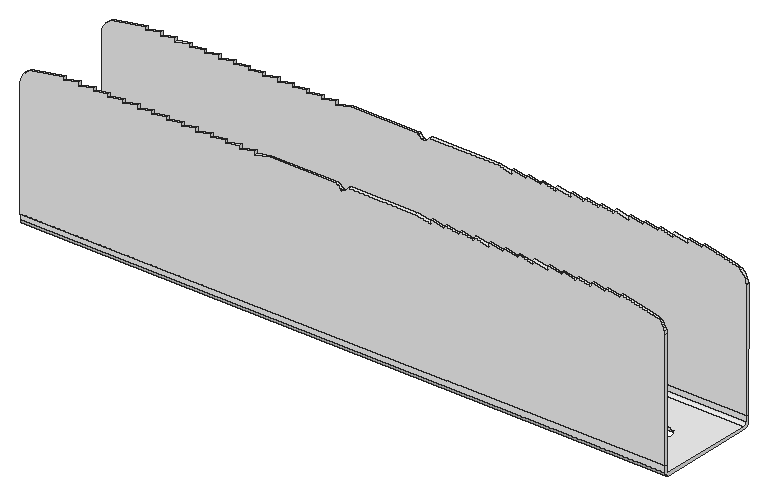
Revit family "HeartFelt-Linear-Panel Splice1_HunterDouglasEurope", category Specialty Equipment, Revit 2016
Family settings
  Part Type = Normal
  Round Connector Dimension = Use Diameter
  OmniClass Number = 23.35.70.24.11.17.14
  OmniClass Title = Linear Ceilings
  Work Plane-Based = No
  Always vertical = Yes
  Cut with Voids When Loaded = No
  Shared = No
  Room Calculation Point = No
Parameters (values of type "See Type Catalog")
  URL = "http://www.hunterdouglasarchitectural.eu/en-GB/ceilings/textile/heartfelt/index.jsp"
  Thickness = 0.5 mm
  Subcategory = "HeartFelt® Ceilings"  # constant formula
  Product Line = "HeartFelt® Linear"  # constant formula
  Product Data = "http://assets2.hunterdouglascontract.com/documents/ceiling/Brochures/United%20Kingdom/Brochure-Heartfelt-en-UK.pdf"
  Material = Aluminum-7178_HunterDouglasEurope
  Length = 220.0 mm
  Height = 51.5 mm
  EN13501-1_Fire rating = "Class A2,s1,d0"  # constant formula
  Colour Code = "7178"  # constant formula
  Article Code = "38.4201"
  Model = "HeartFelt Panel Splice1 40x55"
  Manufacturer = "Hunter Douglas"  # constant formula
  Alloy = "EN AW 5050"  # constant formula
Reference planes
  plane 1 "Center (Front/Back)": y = 0
  plane 2: z = 0
  plane 3 "Center (Left/Right)": x = 0
  plane 4 "Splice Top": z = 52.8
  plane 5 "Splice Bottom": z = 2.2
  plane 6 "Splice Front": y = -17.8
  plane 7 "Splice Back": y = 17.8
  plane 8 "Splice Right": x = 110
  plane 9 "Splice Left": x = -110
  plane 10 "Logo": z = 26.2
  plane 11: z = 53.7
Forms (mm)
  Sweep 1, solid, material "Aluminum-7178_HunterDouglasEurope" <- "Material"
    path origin (0, 0, 0) x (1, 0, 0) y (0, 1, 0)
      loop
        line (-110, 0) -> (110, 0)
    profile origin (0, 0, 0) x (0, 1, 0) y (0, 0, 1)
      loop
        line (-16.3, 2.2) -> (16.3, 2.2)
        arc (16.3, 2.2) -> (17.361, 2.639) -> (17.8, 3.7) r 1.5
        line (17.8, 3.7) -> (17.8, 5.7) -> (17, 5.7) -> (17, 4)
        arc (17, 4) -> (16.707, 3.293) -> (16, 3) r 1
        line (16, 3) -> (-16, 3)
        arc (-16, 3) -> (-16.707, 3.293) -> (-17, 4) r 1
        line (-17, 4) -> (-17, 5.7) -> (-17.8, 5.7) -> (-17.8, 3.7)
        arc (-17.8, 3.7) -> (-17.361, 2.639) -> (-16.3, 2.2) r 1.5
  Extrusion 2, solid, material "Aluminum-7178_HunterDouglasEurope" <- "Material"
    sketch origin (0, 0, 0) x (1, 0, 0) y (0, 0, 1)
      loop
        arc (0, 51.214) -> (-0.383, 51.29) -> (-0.707, 51.507) r 1
        line (-0.707, 51.507) -> (-1.707, 52.507)
        arc (-1.707, 52.507) -> (-2.032, 52.724) -> (-2.414, 52.8) r 1
        line (-2.414, 52.8) -> (-25, 52.8) -> (-30, 51.8) -> (-30, 52.8) -> (-35, 51.8) -> (-35, 52.8) -> (-40, 51.8) -> (-40, 52.8) -> (-45, 51.8) -> (-45, 52.8) -> (-50, 51.8) -> (-50, 52.8) -> (-55, 51.8) -> (-55, 52.8) -> (-60, 51.8) -> (-60, 52.8) -> (-65, 51.8) -> (-65, 52.8) -> (-70, 51.8) -> (-70, 52.8) -> (-75, 51.8) -> (-75, 52.8) -> (-80, 51.8) -> (-80, 52.8) -> (-85, 51.8) -> (-85, 52.8) -> (-90, 51.8) -> (-90, 52.8) -> (-95, 51.8) -> (-95, 52.8) -> (-105.981, 50.604)
        arc (-105.981, 50.604) -> (-108.867, 48.871) -> (-110, 45.701) r 5
        line (-110, 45.701) -> (-110, 5.7) -> (110, 5.7) -> (110, 45.701)
        arc (110, 45.701) -> (108.867, 48.871) -> (105.981, 50.604) r 5
        line (105.981, 50.604) -> (95, 52.8) -> (95, 51.8) -> (90, 52.8) -> (90, 51.8) -> (85, 52.8) -> (85, 51.8) -> (80, 52.8) -> (80, 51.8) -> (75, 52.8) -> (75, 51.8) -> (70, 52.8) -> (70, 51.8) -> (65, 52.8) -> (65, 51.8) -> (60, 52.8) -> (60, 51.8) -> (55, 52.8) -> (55, 51.8) -> (50, 52.8) -> (50, 51.8) -> (45, 52.8) -> (45, 51.8) -> (40, 52.8) -> (40, 51.8) -> (35, 52.8) -> (35, 51.8) -> (30, 52.8) -> (30, 51.8) -> (25, 52.8) -> (2.414, 52.8)
        arc (2.414, 52.8) -> (2.032, 52.724) -> (1.707, 52.507) r 1
        line (1.707, 52.507) -> (0.707, 51.507)
        arc (0.707, 51.507) -> (0.383, 51.29) -> (0, 51.214) r 1
    from 17 to 17.8
  Extrusion 3, solid, material "Aluminum-7178_HunterDouglasEurope" <- "Material"
    sketch origin (0, 35.2, 0) x (1, 0, 0) y (0, 0, 1)
      loop
        arc (0, 51.214) -> (-0.383, 51.29) -> (-0.707, 51.507) r 1
        line (-0.707, 51.507) -> (-1.707, 52.507)
        arc (-1.707, 52.507) -> (-2.032, 52.724) -> (-2.414, 52.8) r 1
        line (-2.414, 52.8) -> (-25, 52.8) -> (-30, 51.8) -> (-30, 52.8) -> (-35, 51.8) -> (-35, 52.8) -> (-40, 51.8) -> (-40, 52.8) -> (-45, 51.8) -> (-45, 52.8) -> (-50, 51.8) -> (-50, 52.8) -> (-55, 51.8) -> (-55, 52.8) -> (-60, 51.8) -> (-60, 52.8) -> (-65, 51.8) -> (-65, 52.8) -> (-70, 51.8) -> (-70, 52.8) -> (-75, 51.8) -> (-75, 52.8) -> (-80, 51.8) -> (-80, 52.8) -> (-85, 51.8) -> (-85, 52.8) -> (-90, 51.8) -> (-90, 52.8) -> (-95, 51.8) -> (-95, 52.8) -> (-105.981, 50.604)
        arc (-105.981, 50.604) -> (-108.867, 48.871) -> (-110, 45.701) r 5
        line (-110, 45.701) -> (-110, 5.7) -> (110, 5.7) -> (110, 45.701)
        arc (110, 45.701) -> (108.867, 48.871) -> (105.981, 50.604) r 5
        line (105.981, 50.604) -> (95, 52.8) -> (95, 51.8) -> (90, 52.8) -> (90, 51.8) -> (85, 52.8) -> (85, 51.8) -> (80, 52.8) -> (80, 51.8) -> (75, 52.8) -> (75, 51.8) -> (70, 52.8) -> (70, 51.8) -> (65, 52.8) -> (65, 51.8) -> (60, 52.8) -> (60, 51.8) -> (55, 52.8) -> (55, 51.8) -> (50, 52.8) -> (50, 51.8) -> (45, 52.8) -> (45, 51.8) -> (40, 52.8) -> (40, 51.8) -> (35, 52.8) -> (35, 51.8) -> (30, 52.8) -> (30, 51.8) -> (25, 52.8) -> (2.414, 52.8)
        arc (2.414, 52.8) -> (2.032, 52.724) -> (1.707, 52.507) r 1
        line (1.707, 52.507) -> (0.707, 51.507)
        arc (0.707, 51.507) -> (0.383, 51.29) -> (0, 51.214) r 1
    from 17.4 to 18.2
  Extrusion 4, void
    sketch origin (0, 0, 0) x (1, 0, 0) y (0, 1, 0)
      loop
        circle (-95, 0) r 3
      loop
        circle (0, 0) r 3
      loop
        circle (95, 0) r 3
    from 0 to 4.4
  Extrusion 5, solid, detail levels coarse
    sketch origin (0, 0, 0) x (0, 1, 0) y (0, 0, 1)
      loop
        line (-17.8, 2.2) -> (17.8, 2.2) -> (17.8, 52.8) -> (-17.8, 52.8) -> (-17.8, 2.2)
    from -110 to 110
Cuts and joins
  Extrusion 4 cuts Sweep 1
Dimensions and locks
  plane 11 to plane 4 "Splice Top" to plane 10 "Logo" = 0.9 mm locked, 26.6 mm locked
  "Length": plane 9 "Splice Left" to plane 8 "Splice Right"
  locked: plane 5 "Splice Bottom" to plane 2 at 2.2
  "Height": plane 11 to plane 5 "Splice Bottom"
  aligned and locked: level to plane 2
  aligned and locked: plane 7 "Splice Back" to Extrusion 3
  aligned and locked: Extrusion 2 to plane 6 "Splice Front"
  aligned and locked: Extrusion 5 to Extrusion 2
  aligned and locked: plane 7 "Splice Back" to Extrusion 5
  aligned and locked: Extrusion 5 to plane 6 "Splice Front"
  aligned and locked: plane 4 "Splice Top" to Extrusion 5
  aligned and locked: Extrusion 5 to plane 5 "Splice Bottom"
  aligned and locked: import instance to plane 10 "Logo"
Automatic sketch dimensions
  plane 1 "Center (Front/Back)" to Sweep 1 sketch curve = 0.0 mm
  Sweep 1 sketch curve to plane 9 "Splice Left" = 0.0 mm
  Sweep 1 sketch curve to plane 8 "Splice Right" = 0.0 mm
  level to Sweep 1 sketch curve = 5.7 mm
  profile plane to Sweep 1 sketch curve = 17.8 mm
  Sweep 1 sketch curve to Sweep 1 sketch curve = 0.8 mm  (x2)
  Sweep 1 sketch curve to Sweep 1 sketch curve = 0.7 mm  (x2)
  Sweep 1 sketch curve to Sweep 1 sketch curve = 0.3 mm  (x3)
  level to Sweep 1 sketch curve = 4.0 mm
  Sweep 1 sketch curve to profile plane = 16.0 mm
  Sweep 1 sketch curve to Sweep 1 sketch curve = 1.7 mm
  Sweep 1 sketch curve to Sweep 1 sketch curve = 0.0 mm  (x4)
  Extrusion 2 sketch curve to Extrusion 2 sketch curve = 0.0 mm  (x2)
  plane 9 "Splice Left" to Extrusion 2 sketch curve = 0.0 mm
  Extrusion 2 sketch curve to plane 4 "Splice Top" = 0.0 mm  (x30)
  Extrusion 2 sketch curve to plane 3 "Center (Left/Right)" = 0.0 mm
  plane 8 "Splice Right" to Extrusion 2 sketch curve = 0.0 mm
  Extrusion 2 sketch curve to plane 4 "Splice Top" = 2.196 mm
  Extrusion 2 sketch curve to plane 9 "Splice Left" = 4.019 mm
  Extrusion 2 sketch curve to Extrusion 2 sketch curve = 0.981 mm
  Extrusion 2 sketch curve to Extrusion 2 sketch curve = 10.981 mm
  Extrusion 2 sketch curve to Extrusion 2 sketch curve = 5.0 mm  (x28)
  Extrusion 2 sketch curve to plane 4 "Splice Top" = 1.0 mm  (x11)
  Extrusion 2 sketch curve to plane 3 "Center (Left/Right)" = 2.414 mm
  Extrusion 2 sketch curve to plane 4 "Splice Top" = 0.293 mm  (x2)
  Extrusion 2 sketch curve to Extrusion 2 sketch curve = 0.707 mm  (x2)
  Extrusion 2 sketch curve to plane 3 "Center (Left/Right)" = 0.707 mm
  plane 3 "Center (Left/Right)" to Extrusion 2 sketch curve = 0.707 mm
  Extrusion 2 sketch curve to Extrusion 2 sketch curve = 1.0 mm  (x18)
  Extrusion 2 sketch curve to Extrusion 2 sketch curve = 22.586 mm
  plane 8 "Splice Right" to Extrusion 2 sketch curve = 5.0 mm
  plane 8 "Splice Right" to Extrusion 2 sketch curve = 4.019 mm
  plane 5 "Splice Bottom" to Extrusion 2 sketch curve = 3.5 mm
  Extrusion 2 sketch curve to plane 4 "Splice Top" = 7.099 mm
  Extrusion 2 sketch curve to plane 4 "Splice Top" = 1.293 mm
  Extrusion 2 sketch curve to plane 4 "Splice Top" = 0.586 mm
  Extrusion 3 sketch curve to Extrusion 3 sketch curve = 0.0 mm  (x2)
  plane 9 "Splice Left" to Extrusion 3 sketch curve = 0.0 mm
  Extrusion 3 sketch curve to plane 4 "Splice Top" = 0.0 mm  (x30)
  Extrusion 3 sketch curve to plane 3 "Center (Left/Right)" = 0.0 mm
  plane 8 "Splice Right" to Extrusion 3 sketch curve = 0.0 mm
  Extrusion 3 sketch curve to plane 4 "Splice Top" = 2.196 mm
  Extrusion 3 sketch curve to plane 9 "Splice Left" = 4.019 mm
  Extrusion 3 sketch curve to Extrusion 3 sketch curve = 0.981 mm
  Extrusion 3 sketch curve to Extrusion 3 sketch curve = 10.981 mm
  Extrusion 3 sketch curve to Extrusion 3 sketch curve = 5.0 mm  (x28)
  Extrusion 3 sketch curve to plane 4 "Splice Top" = 1.0 mm  (x11)
  Extrusion 3 sketch curve to plane 3 "Center (Left/Right)" = 2.414 mm
  Extrusion 3 sketch curve to plane 4 "Splice Top" = 0.293 mm  (x2)
  Extrusion 3 sketch curve to Extrusion 3 sketch curve = 0.707 mm  (x2)
  Extrusion 3 sketch curve to plane 3 "Center (Left/Right)" = 0.707 mm
  plane 3 "Center (Left/Right)" to Extrusion 3 sketch curve = 0.707 mm
  Extrusion 3 sketch curve to Extrusion 3 sketch curve = 1.0 mm  (x18)
  Extrusion 3 sketch curve to Extrusion 3 sketch curve = 22.586 mm
  plane 8 "Splice Right" to Extrusion 3 sketch curve = 5.0 mm
  plane 8 "Splice Right" to Extrusion 3 sketch curve = 4.019 mm
  plane 5 "Splice Bottom" to Extrusion 3 sketch curve = 3.5 mm
  Extrusion 3 sketch curve to plane 4 "Splice Top" = 7.099 mm
  Extrusion 3 sketch curve to plane 4 "Splice Top" = 1.293 mm
  Extrusion 3 sketch curve to plane 4 "Splice Top" = 0.586 mm
  plane 1 "Center (Front/Back)" to Extrusion 4 sketch curve = 0.0 mm  (x3)
  Extrusion 4 sketch curve to plane 3 "Center (Left/Right)" = 0.0 mm
  Extrusion 4 sketch curve to plane 9 "Splice Left" = 15.0 mm
  plane 8 "Splice Right" to Extrusion 4 sketch curve = 15.0 mm
  Extrusion 5 sketch curve to plane 4 "Splice Top" = 0.0 mm
  Extrusion 5 sketch curve to plane 6 "Splice Front" = 0.0 mm
  Extrusion 5 sketch curve to plane 7 "Splice Back" = 0.0 mm
  Extrusion 5 sketch curve to plane 5 "Splice Bottom" = 0.0 mm
  radius of Extrusion 4 sketch curve = 3.0 mm  (x3)
Types in the file's own list only (3): name | Height | Article Code | Model
  Panel Splice1_40x55 | 51.5 mm | "38.4201" | "HeartFelt Panel Splice1 40x55"
  Panel Splice1_40x80 | 76.5 mm | "38.4202" | "HeartFelt Panel Splice1 40x80"
  Panel Splice1_40x105 | 101.5 mm | "38.4203" | "HeartFelt Panel Splice1 40x105"
